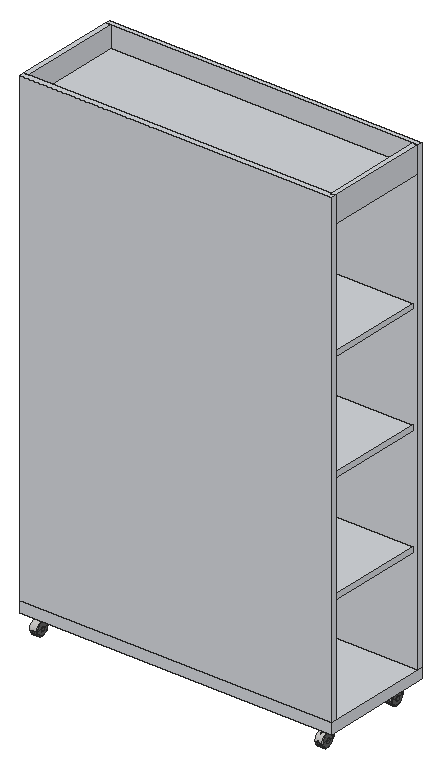
Revit family "ThinkingWall Stor", category Generic Models, Revit 2023
Family settings
  Can host rebar = No
  Round Connector Dimension = Use Diameter
  Part Type = Normal
  Work Plane-Based = No
  Always vertical = Yes
  Cut with Voids When Loaded = No
  Maintain Annotation Orientation = No
  Shared = No
  Room Calculation Point = No
Parameters (values of type "ThinkingWall® Stor")
  Width = 435 mm
  URL = "https://www.logovisual.com/product/whiteboards/thinkingwall/dividers/thinkingwall-stor/"
  Stor = none
  Model = "ThinkingWall® Stor"
  Manufacturer = "Logovisual LTD"
  Length = 1200 mm
  Description = "Double sided mobile whiteboard wall with open storage to optimise space. Part of the ThinkingWall® range for flexible breakout and meeting spaces."
  Default Elevation = 0 mm
Reference planes
  plane 1 "Center (Front/Back)": y = 0
  plane 2: z = 0
  plane 3 "Center (Left/Right)": x = 0
  plane 4: y = 217.5
  plane 5: x = 1200
  plane 6: y = -217.5
  plane 7: x = 600
  plane 8: z = 71.5
  plane 9 "A": z = 111.5
  plane 10: z = 1925
  plane 11: z = 511.5
  plane 12: z = 931.5
  plane 13: z = 1351.5
  plane 14: y = 197.5
  plane 15: y = -197.5
  plane 16: z = 1825
  plane 17: x = 1182.5
  plane 18: x = 17.5
  plane 19: x = 587.5
  plane 20: x = 612.5
Forms (mm)
  Extrusion 1, solid, material <- "Stor"
    sketch origin (-511.407, -1524, 71.5) x (-1, 0, 0) y (0, -1, 0)
      loop
        line (-511.407, -1741.5) -> (-511.407, -1306.5) -> (-1711.407, -1306.5) -> (-1711.407, -1741.5) -> (-511.407, -1741.5)
    from 0 to 40
  Extrusion 2, solid, material <- "Stor"
    sketch origin (-511.407, -1524, 111.5) x (-1, 0, 0) y (0, -1, 0)
      loop
        line (-511.407, -1741.5) -> (-511.407, -1721.5) -> (-1711.407, -1721.5) -> (-1711.407, -1741.5) -> (-511.407, -1741.5)
      loop
        line (-511.407, -1326.5) -> (-511.407, -1306.5) -> (-1711.407, -1306.5) -> (-1711.407, -1326.5) -> (-511.407, -1326.5)
    from 0 to 1813.5
  Extrusion 3, solid, material <- "Stor"
    sketch origin (-511.407, -1524, 111.5) x (-1, 0, 0) y (0, -1, 0)
      loop
        line (-1098.907, -1721.5) -> (-1098.907, -1326.5) -> (-1123.907, -1326.5) -> (-1123.907, -1721.5) -> (-1098.907, -1721.5)
    from 0 to 1713.5
  Extrusion 4, solid
    sketch origin (0, 0, 0) x (1, 0, 0) y (0, 1, 0)
      loop
        line (1182.5, 197.5) -> (1182.5, -197.5) -> (1200, -197.5) -> (1200, 197.5) -> (1182.5, 197.5)
    from 1925 to 1825
  Extrusion 5, solid
    sketch origin (0, 0, 0) x (1, 0, 0) y (0, 1, 0)
      loop
        line (0, 197.5) -> (0, -197.5) -> (17.5, -197.5) -> (17.5, 197.5) -> (0, 197.5)
    from 1925 to 1825
Dimensions and locks
  equal spacing: plane 4, plane 1 "Center (Front/Back)", plane 6
  "Width": plane 4 to plane 6
  "Length": plane 3 "Center (Left/Right)" to plane 5
  locked: plane 3 "Center (Left/Right)" to nested 1 at 50
  locked: plane 4 to nested 1 at 50
  equal spacing: plane 3 "Center (Left/Right)", plane 7, plane 5
  locked: plane 4 to nested 2 at 50
  locked: nested 2 to plane 5 at 50
  locked: nested 4 to plane 5 at 50
  locked: plane 3 "Center (Left/Right)" to nested 3 at 50
  locked: plane 6 to nested 3 at 50
  locked: plane 6 to nested 4 at 50
  locked: plane 8 to level at 71.5
  plane 9 "A" to plane 8 = 40 mm
  plane 10 to level = 1925 mm
  plane 13 to plane 12 to plane 11 to plane 9 "A" = 420 mm, 420 mm, 400 mm
  plane 4 to plane 14 = 20 mm
  plane 6 to plane 15 = 20 mm
  plane 10 to plane 13 to plane 12 to plane 11 to plane 9 "A" = 573.5 mm, 420 mm, 420 mm, 400 mm
  locked: plane 10 to plane 16 at 100
  locked: plane 3 "Center (Left/Right)" to plane 18 at 17.5
  locked: plane 17 to plane 5 at 17.5
  nested 7 to nested 7 = 20 mm
  equal spacing: plane 19, plane 7, plane 20
  locked: plane 19 to plane 20 at 25
  plane 11 to Extrusion 2 = 400 mm
  plane 12 to nested 10 = 400 mm
  plane 13 to nested 9 = 400 mm
  plane 16 to nested 7 = 453.5 mm
  nested 11 to plane 16 = 20 mm
  nested 9 to plane 12 = 20 mm
  nested 10 to plane 11 = 20 mm
  aligned and locked: level to plane 2
  aligned and locked: Extrusion 1 sketch curve to plane 4
  aligned and locked: plane 3 "Center (Left/Right)" to Extrusion 1 sketch curve
  aligned and locked: Extrusion 1 sketch curve to plane 6
  aligned and locked: Extrusion 1 sketch curve to plane 5
  aligned and locked: Extrusion 1 to plane 8
  aligned and locked: Extrusion 1 to plane 9 "A"
  aligned and locked: Extrusion 2 sketch curve to Extrusion 1  (x4)
  aligned and locked: plane 14 to Extrusion 2 sketch curve
  aligned and locked: Extrusion 2 sketch curve to plane 5
  aligned and locked: plane 15 to Extrusion 2 sketch curve
  aligned and locked: plane 10 to Extrusion 2
  aligned and locked: nested 8 to plane 17
  aligned and locked: nested 6 to plane 17
  aligned and locked: nested 5 to plane 17
  aligned and locked: plane 18 to nested 7
  aligned and locked: plane 19 to Extrusion 3 sketch curve
  aligned and locked: Extrusion 3 sketch curve to plane 20
  aligned and locked: Extrusion 3 sketch curve to plane 14
  aligned and locked: Extrusion 3 sketch curve to plane 15
  aligned and locked: Extrusion 3 to plane 9 "A"
  aligned and locked: Extrusion 2 to plane 9 "A"
  aligned and locked: plane 14 to nested 7
  aligned and locked: nested 8 to plane 14
  aligned and locked: nested 6 to plane 14
  aligned and locked: nested 5 to plane 14
  aligned and locked: nested 5 to plane 15
  aligned and locked: nested 8 to plane 15
  aligned and locked: nested 6 to plane 15
  aligned and locked: plane 15 to nested 7
  aligned and locked: nested 10 to plane 11
  aligned and locked: nested 9 to plane 12
  aligned and locked: nested 7 to plane 13
  aligned and locked: plane 15 to nested 9
  aligned and locked: plane 15 to nested 10
  aligned and locked: plane 14 to nested 10
  aligned and locked: plane 14 to nested 9
  aligned and locked: plane 13 to nested 8
  aligned and locked: plane 12 to nested 6
  aligned and locked: plane 11 to nested 5
  aligned and locked: plane 18 to nested 11
  aligned and locked: plane 17 to nested 11
  aligned and locked: nested 11 to plane 15
  aligned and locked: nested 11 to plane 14
  aligned and locked: plane 16 to Extrusion 3
  aligned and locked: plane 16 to nested 11
Automatic sketch dimensions
  Extrusion 2 sketch curve to plane 3 "Center (Left/Right)" = 0 mm
  plane 15 to Extrusion 4 sketch curve = 0 mm
  Extrusion 4 sketch curve to plane 17 = 0 mm
  Extrusion 4 sketch curve to plane 5 = 0 mm
  Extrusion 4 sketch curve to plane 14 = 0 mm
  Extrusion 5 sketch curve to plane 3 "Center (Left/Right)" = 0 mm
  plane 15 to Extrusion 5 sketch curve = 0 mm
  Extrusion 5 sketch curve to plane 18 = 0 mm
  Extrusion 5 sketch curve to plane 14 = 0 mm
Nested families
  nested 1: "50mm_Caster_Wheel 2" at (50, 167.5, 0) x (0, 1, 0) z (0, 0, 1), type "50mm_Caster_Wheel 2"
  nested 2: "50mm_Caster_Wheel 2" at (1150, 167.5, 0) x (0, 1, 0) z (0, 0, 1), type "50mm_Caster_Wheel 2"
  nested 3: "50mm_Caster_Wheel 2" at (50, -167.5, 0) x (0, 1, 0) z (0, 0, 1), type "50mm_Caster_Wheel 2"
  nested 4: "50mm_Caster_Wheel 2" at (1150, -167.5, 0) x (0, 1, 0) z (0, 0, 1), type "50mm_Caster_Wheel 2"
  nested 5: "Shelve" at (897.5, 0, 511.5) x (-1, 0, 0) z (0, 0, 1), type "Shelve"
    with Width 395 mm, Length 570 mm
  nested 6: "Shelve" at (897.5, 0, 931.5) x (-1, 0, 0) z (0, 0, 1), type "Shelve"
    with Width 395 mm, Length 570 mm
  nested 7: "Shelve" at (302.5, 0, 1351.5), type "Shelve"
    with Width 395 mm, Length 570 mm
  nested 8: "Shelve" at (897.5, 0, 1351.5) x (-1, 0, 0) z (0, 0, 1), type "Shelve"
    with Width 395 mm, Length 570 mm
  nested 9: "Shelve" at (302.5, 0, 931.5), type "Shelve"
    with Width 395 mm, Length 570 mm
  nested 10: "Shelve" at (302.5, 0, 511.5), type "Shelve"
    with Width 395 mm, Length 570 mm
  nested 11: "Shelve" at (600, 0, 1825) x (-1, 0, 0) z (0, 0, 1), type "Shelve"
    with Width 395 mm, Length 1165 mm
Definition of nested family "50mm_Caster_Wheel 2"
  Parameters (values of type "50mm_Caster_Wheel 2")
    Default Elevation = 0 mm
  Reference planes
    plane 1 "Center (Front/Back)": y = 0
    plane 2: z = 0
    plane 3 "Center (Left/Right)": x = 0
    plane 4 "VWhlCntr": x = -22
    plane 5 "WhlCntr": z = 25
    plane 6: z = 56.73
    plane 7: z = 55.23
  Forms (mm)
    Revolve 1, solid
      sketch origin (0, 0, 25) x (-1, 0, 0) y (0, -1, 0)
        loop
          line (45.5, 13.5) -> (29.872, 13.5) -> (30.032, 14.411)
          arc (30.032, 14.411) -> (29.873, 15.004) -> (29.317, 15.263) r 0.727
          line (29.317, 15.263) -> (22, 15.263) -> (22, 4.169) -> (47, 4.169) -> (47, 12)
          arc (47, 12) -> (46.561, 13.061) -> (45.5, 13.5) r 1.5
        loop
          arc (45.5, -13.5) -> (46.561, -13.061) -> (47, -12) r 1.5
          line (47, -12) -> (47, -4.169) -> (22, -4.169) -> (22, -15.263) -> (29.317, -15.263)
          arc (29.317, -15.263) -> (29.873, -15.004) -> (30.032, -14.411) r 0.727
          line (30.032, -14.411) -> (29.872, -13.5) -> (45.5, -13.5)
        axis (22, 15.263) -> (22, -15.263)
      angle from 0 to 360
    Revolve 2, solid
      sketch origin (0, 0, 25) x (-1, 0, 0) y (0, -1, 0)
        loop
          line (22, 3.174) -> (33.047, 3.174)
          arc (33.047, 3.174) -> (32.755, 3.878) -> (32.052, 4.169) r 0.995
          line (32.052, 4.169) -> (22, 4.169) -> (22, 3.174)
        loop
          line (22, -3.174) -> (22, -4.169) -> (32.052, -4.169)
          arc (32.052, -4.169) -> (32.755, -3.878) -> (33.047, -3.174) r 0.995
          line (33.047, -3.174) -> (22, -3.174)
        axis (22, 4.169) -> (22, -4.169)
      angle from 0 to 360
    Revolve 3, solid
      sketch origin (0, 0, 0) x (1, 0, 0) y (0, 0, 1)
        loop
          line (0, 60) -> (21.525, 60) -> (21.525, 62.198)
          arc (21.525, 62.198) -> (20.577, 63.345) -> (19.43, 64.292) r 7.866
          arc (19.43, 64.292) -> (16.996, 68.264) -> (12.416, 67.416) r 4.113
          line (12.416, 67.416) -> (10, 65) -> (10, 70) -> (0, 70) -> (0, 60)
        axis (0, 60) -> (0, 70)
      angle from 0 to 360
    Extrusion 4, solid
      sketch origin (0, 0, 0) x (1, 0, 0) y (0, 0, 1)
        loop
          circle (-22, 25) r 2.964
      from -12.5 to 12.5
    Extrusion 5, solid
      sketch origin (0, 0, 70) x (1, 0, 0) y (0, 1, 0)
        loop
          line (-25, 25) -> (-25, -25) -> (25, -25) -> (25, 25) -> (-25, 25)
      from 0 to 1.5
    Extrusion 6, solid
      sketch origin (0, 0, 0) x (1, 0, 0) y (0, 0, 1)
        loop
          line (-49.398, 25.312) -> (-47.348, 25.312)
          arc (-47.348, 25.312) -> (-22.059, 50.601) -> (3.229, 25.313) r 25.288
          line (3.229, 25.313) -> (5.279, 25.313)
          arc (5.279, 25.313) -> (-22.059, 52.651) -> (-49.398, 25.312) r 27.339
      from -13.5 to 13.5
    Extrusion 7, solid
      sketch origin (0, 0, 0) x (1, 0, 0) y (0, 0, 1)
        loop
          arc (-22.059, 52.651) -> (-2.728, 44.644) -> (5.279, 25.312) r 27.339
          line (5.279, 25.312) -> (5.279, 60) -> (-22.059, 60) -> (-22.059, 52.651)
      from -13.5 to 13.5
  Dimensions and locks
    plane 3 "Center (Left/Right)" to plane 4 "VWhlCntr" = 22 mm
    Revolve 3 to level = 70 mm
    Revolve 3 to plane 2 = 70 mm
    diameter of Revolve 1 = 50 mm
    aligned and locked: level to plane 2
Definition of nested family "Shelve"
  Parameters (values of type "Shelve")
    Width [instance] = 400 mm
    Shelve = none
    Length [instance] = 570 mm
    Default Elevation = 0 mm
  Reference planes
    plane 1 "Center (Front/Back)": y = 0
    plane 2: z = 0
    plane 3 "Center (Left/Right)": x = 0
    plane 4: x = -285
    plane 5: y = 200
    plane 6: y = -200
    plane 7: x = 285
    plane 8: z = 20
    plane 9: z = 10
  Forms (mm)
    Extrusion 1, solid, material <- "Shelve"
      sketch origin (0, 0, 0) x (1, 0, 0) y (0, 1, 0)
        loop
          line (-285, 200) -> (-285, -200) -> (285, -200) -> (285, 200) -> (-285, 200)
      from 0 to 20
  Dimensions and locks
    equal spacing: plane 8, plane 9, level
    equal spacing: plane 4, plane 3 "Center (Left/Right)", plane 7
    "Length": plane 4 to plane 7
    equal spacing: plane 5, plane 1 "Center (Front/Back)", plane 6
    "Width": plane 5 to plane 6
    aligned and locked: level to plane 2
    aligned and locked: plane 8 to Extrusion 1
  Automatic sketch dimensions
    Extrusion 1 sketch curve to plane 4 = 0 mm
    plane 6 to Extrusion 1 sketch curve = 0 mm
    Extrusion 1 sketch curve to plane 7 = 0 mm
    Extrusion 1 sketch curve to plane 5 = 0 mm
